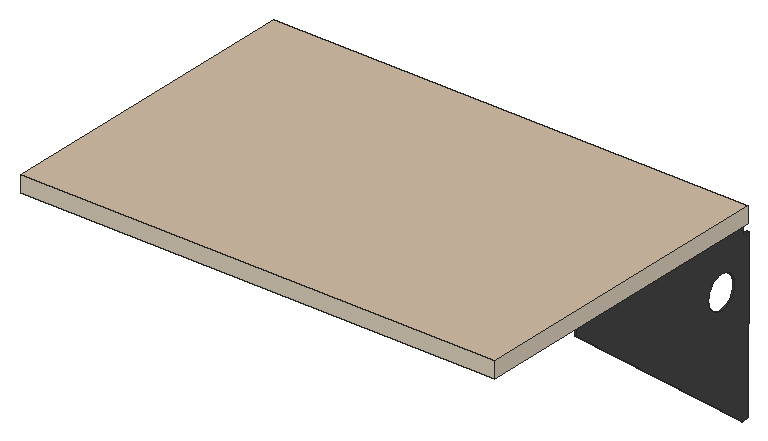
Revit family "M_Sistema de mobiliário-superfície de trabalho-retangular-com suporte", category Sistema de mobiliário, Revit 2019
Family settings
  Cota do conector redondo = Utilizar diâmetro
  Tipo de parte = Normal
  Número OmniClass = 23.40.70.14.64.21
  Título OmniClass = Systems Furniture
  Com base no plano de trabalho = Não
  Sempre na vertical = Sim
  Corte com vazios quando carregada = Não
  Compartilhado = Não
  Ponto de cálculo do ambiente = Não
Parameters (values of type "900 x 600mm")
  Material da superfície de trabalho [instance] = Laminado plástico – Carvalho branco
  Comentários de tipos = "Superfície de trabalho retangular com suporte de 900 x 600 mm"
  Espessura = 30 mm
  Mostrar reforço inicial [instance] = yes
  Mostrar reforço final [instance] = yes
  Largura = 900 mm
  Model = ""
  Manufacturer = ""
  Altura = 750 mm
  Material da aresta [instance] = Laminado plástico – Bege – Claro – Suave
  Description = ""
  Linear = 600 mm
Reference planes
  plane 1 "Centro F/T": y = 0
  plane 2: z = 0
  plane 3 "Centro E/D": x = 0
  plane 4 "Parte frontal": y = -600
  plane 5 "Direita": x = 900
  plane 6 "Superior": z = 750
  plane 7 "Inferior": z = 720
Forms (mm)
  Extrusion 1, solid, material "Laminado plástico – Carvalho branco" <- "Material da superfície de trabalho"
    sketch origin (0, 0, 0) x (1, 0, 0) y (0, 1, 0)
      loop
        line (0, 0) -> (0, -600) -> (900, -600) -> (900, 0) -> (0, 0)
    from 720 to 750
Lines and regions (mm)
  Masking region 1
    outline origin (0, 0, 0) x (1, 0, 0) y (0, 1, 0)
      loop
        line (0, 0) -> (0, -600) -> (900, -600) -> (900, 0) -> (0, 0)
Dimensions and locks
  "Largura": plane 3 "Centro E/D" to plane 5 "Direita"
  "Linear": plane 4 "Parte frontal" to plane 1 "Centro F/T"
  "Espessura": plane 6 "Superior" to plane 7 "Inferior"
  "Altura": plane 6 "Superior" to plane 2
  aligned and locked: plane 1 "Centro F/T" to Extrusion 1 sketch curve
  aligned and locked: plane 5 "Direita" to Extrusion 1 sketch curve
  aligned and locked: plane 4 "Parte frontal" to Extrusion 1 sketch curve
  aligned and locked: plane 3 "Centro E/D" to Extrusion 1 sketch curve
  aligned and locked: level to plane 2
  aligned and locked: plane 6 "Superior" to Extrusion 1
  aligned and locked: plane 7 "Inferior" to Extrusion 1
  aligned and locked: plane 3 "Centro E/D" to Masking region 1 sketch curve
  aligned and locked: plane 4 "Parte frontal" to Masking region 1 sketch curve
  aligned and locked: plane 5 "Direita" to Masking region 1 sketch curve
  aligned and locked: plane 1 "Centro F/T" to Masking region 1 sketch curve
  aligned and locked: plane 1 "Centro F/T" to nested 1
  aligned and locked: nested 1 to plane 5 "Direita"
  aligned and locked: nested 2 to plane 1 "Centro F/T"
  aligned and locked: plane 3 "Centro E/D" to nested 2
  aligned and locked: plane 7 "Inferior" to nested 2
  aligned and locked: nested 1 to plane 7 "Inferior"
Nested families
  nested 1: "M_Sistema de mobiliário-hardware-suporte" at (900, 0, 720), visible <- "Mostrar reforço final", type "400 x 330mm", detail levels medium+fine
    with Dois lados no, Material de arandela Metal – Pintado de preto
  nested 2: "M_Sistema de mobiliário-hardware-suporte" at (0, 0, 720) x (-1, 0, 0) z (0, 0, 1), visible <- "Mostrar reforço inicial", type "400 x 330mm", detail levels medium+fine
    with Dois lados no, Material de arandela Metal – Pintado de preto
Definition of nested family "M_Sistema de mobiliário-hardware-suporte"
  Parameters (values of type "400 x 330mm")
    Type Comments = "Hardware de suporte de 400 x 330 mm"
    Dois lados [instance] = no
    Material de arandela [instance] = none
    Assembly Code = ""
  Reference planes
    plane 1 "Centro (Frente/Trás)": y = 0
    plane 2: z = 0
    plane 3 "Centro (Esquerda/Direita)": x = 0
    plane 4: y = -406.4
    plane 5 "Esquerda": x = -50.8
    plane 6 "Direita": x = 50.8
    plane 7: x = -3.175
    plane 8: x = 3.175
    plane 9 "Inferior": z = -330.2
  Forms (mm)
    Extrusion 1, solid, material <- "Material de arandela"
      sketch origin (0, 0, 0) x (0, 1, 0) y (0, 0, 1)
        loop
          line (0, -330.2) -> (0, -12.7) -> (-12.7, -12.7) -> (-12.7, 0) -> (-406.4, 0) -> (-406.4, -12.7) -> (-12.7, -330.2) -> (0, -330.2)
        loop
          circle (-63.5, -88.9) r 31.75
      from -3.175 to 0
    Extrusion 2, solid, material <- "Material de arandela"
      sketch origin (0, 0, 0) x (1, 0, 0) y (0, 0, 1)
        loop
          line (-50.8, 0) -> (-50.8, -3.175) -> (-3.175, -3.175) -> (-3.175, 0) -> (-50.8, 0)
      from 12.7 to 406.4
    Extrusion 3, solid, material <- "Material de arandela", visible <- "Dois lados"
      sketch origin (0, 0, 0) x (-1, 0, 0) y (0, 0, -1)
        loop
          line (-50.8, 0) -> (-3.175, 0) -> (-3.175, 3.175) -> (-50.8, 3.175) -> (-50.8, 0)
      from 12.7 to 406.4
    Extrusion 4, solid, material <- "Material de arandela", visible <- "Dois lados"
      sketch origin (0, 0, 0) x (0, 1, 0) y (0, 0, 1)
        loop
          line (-406.4, 0) -> (-406.4, -12.7) -> (-359.156, -50.8) -> (-12.7, -50.8) -> (-12.7, 0) -> (-406.4, 0)
      from 0 to 3.175
  Cuts and joins
    joined: Extrusion 1, Extrusion 2
    joined: Extrusion 3, Extrusion 4
  Dimensions and locks
    locked: plane 5 "Esquerda" to plane 3 "Centro (Esquerda/Direita)" at 50.8
    locked: plane 3 "Centro (Esquerda/Direita)" to plane 6 "Direita" at 50.8
    plane 7 to plane 3 "Centro (Esquerda/Direita)" to plane 8 = 3.175 mm locked, 3.175 mm locked
    locked: plane 2 to plane 9 "Inferior" at 330.2
    locked: plane 4 to plane 1 "Centro (Frente/Trás)" at 406.4
    locked: plane 2 to Extrusion 1 sketch curve at 12.7  (x2)
    locked: plane 1 "Centro (Frente/Trás)" to Extrusion 1 sketch curve at 12.7  (x2)
    locked: plane 1 "Centro (Frente/Trás)" to Extrusion 1 sketch curve at 63.5
    locked: plane 2 to Extrusion 1 sketch curve at 88.9
    locked: plane 2 to Extrusion 2 sketch curve at 3.175
    locked: plane 2 to Extrusion 3 sketch curve at 3.175
    locked: Extrusion 4 sketch curve to plane 1 "Centro (Frente/Trás)" at 12.7
    locked: plane 2 to Extrusion 4 sketch curve at 50.8
    aligned and locked: Extrusion 1 sketch curve to plane 2
    aligned and locked: plane 1 "Centro (Frente/Trás)" to Extrusion 1 sketch curve
    aligned and locked: Extrusion 1 sketch curve to plane 4
    aligned and locked: Extrusion 1 sketch curve to plane 9 "Inferior"
    aligned and locked: plane 3 "Centro (Esquerda/Direita)" to Extrusion 1
    aligned and locked: plane 7 to Extrusion 1
    aligned and locked: Extrusion 2 sketch curve to plane 5 "Esquerda"
    aligned and locked: Extrusion 2 sketch curve to plane 2
    aligned and locked: plane 7 to Extrusion 2 sketch curve
    aligned and locked: Extrusion 2 to plane 4
    aligned and locked: Extrusion 1 to Extrusion 2
    aligned and locked: Extrusion 3 to plane 6 "Direita"
    aligned and locked: Extrusion 3 to cut or joined group of Extrusion 1, Extrusion 2
    aligned and locked: Extrusion 3 to plane 4
    aligned and locked: Extrusion 4 sketch curve to plane 2
    aligned and locked: plane 4 to Extrusion 4 sketch curve
    aligned and locked: Extrusion 4 to plane 3 "Centro (Esquerda/Direita)"
    aligned and locked: Extrusion 4 to plane 8
Types in the file's own list only (14): name | Comentários de tipos | Largura | Linear
  1050 x 600mm | "Superfície de trabalho retangular com suporte de 1050 x 600 mm" | 1050 mm | 600 mm
  1200 x 600mm | "Superfície de trabalho retangular com suporte de 1200 x 600 mm" | 1200 mm | 600 mm
  1500 x 600mm | "Superfície de trabalho retangular com suporte de 1500 x 600 mm" | 1500 mm | 600 mm
  1800 x 600mm | "Superfície de trabalho retangular com suporte de 1800 x 600 mm" | 1800 mm | 600 mm
  900 x 750mm | "Superfície de trabalho retangular com suporte de 900 x 750 mm" | 900 mm | 750 mm
  1050 x 750mm | "Superfície de trabalho retangular com suporte de 1050 x 750 mm" | 1050 mm | 750 mm
  1200 x 750mm | "Superfície de trabalho retangular com suporte de 1200 x 750 mm" | 1200 mm | 750 mm
  1500 x 750mm | "Superfície de trabalho retangular com suporte de 1500 x 750 mm" | 1500 mm | 750 mm
  1800 x 750mm | "Superfície de trabalho retangular com suporte de 1800 x 750 mm" | 1800 mm | 750 mm
  900 x 900mm | "Superfície de trabalho retangular com suporte de 900 x 900 mm" | 900 mm | 900 mm
  1050 x 900mm | "Superfície de trabalho retangular com suporte de 1050 x 900 mm" | 1050 mm | 900 mm
  1200 x 900mm | "Superfície de trabalho retangular com suporte de 1200 x 900 mm" | 1200 mm | 900 mm
  1500 x 900mm | "Superfície de trabalho retangular com suporte de 1500 x 900 mm" | 1500 mm | 900 mm
  1800 x 900mm | "Superfície de trabalho retangular com suporte de 1800 x 900 mm" | 1800 mm | 900 mm
